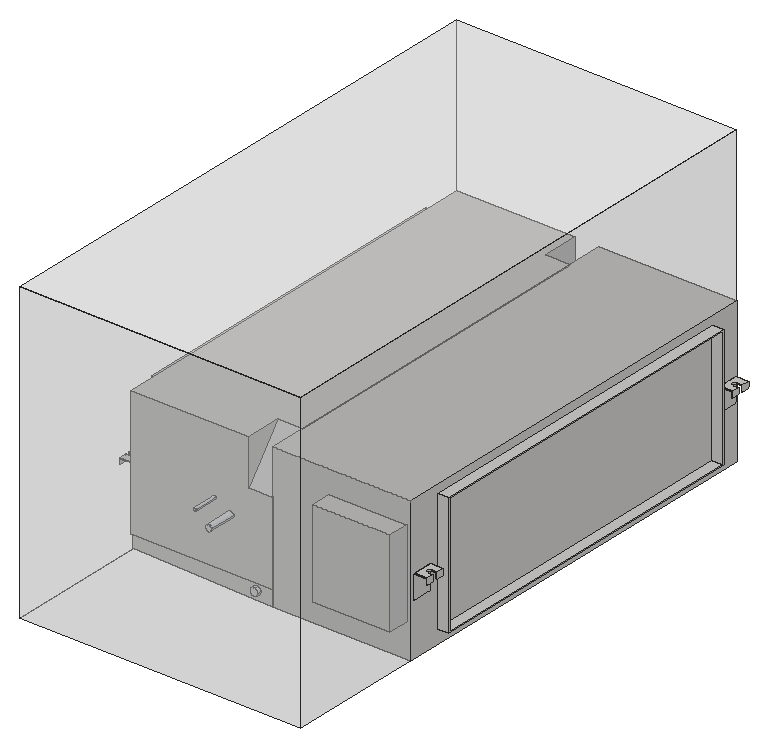
Revit family "outputfile", category 機械設備, Revit 2024
Family settings
  丸型コネクタ寸法 = 半径を使用
  パーツ タイプ = 標準
  OmniClass 番号 = 23.75.10.24.21.27.27
  OmniClass タイトル = Split System Air Conditioning Units
  作業面ベース = いいえ
  常に垂直 = はい
  ロード時にボイドで切り取り = いいえ
  注釈の向きを維持 = いいえ
  共有 = いいえ
  部屋計算ポイント = はい
Parameters (values of type "FXMQ200PV1A")
  Description = ""
  製造元 = "Daikin"
  書き出し IFC クラス(タイプ) = "IfcUnitaryEquipmentType"
  定義済み IFC タイプ(タイプ) = "AIRCONDITIONINGUNIT"
  Cost = 0
  モデル = "FXMQ200PV1A"
  Type Comments = ""
  Keynote = ""
  Type Image = (empty or 0)
  Assembly Code = ""
  lw_suctionflange = 1122.0 mm
  r_Liquid Pipe Size = Liquid Pipe Size / 2  # 4.75 mm
  r_Gas Pipe Size = Gas Pipe Size / 2  # 9.55 mm
  r_Drain Pipe Size = Drain Pipe Size / 2  # 12.5 mm
  lw_power = 230.0 mm  # constant formula
  lw_dischargeflange = 58.0 mm  # constant formula
  lh_power = 394.0 mm  # constant formula
  lh_mountinghole1 = lh_mountinghole + [h***]  # 254.0 mm
  lh_dischargeflange = 110.0 mm  # constant formula
  ld_power = 33.5 mm  # constant formula
  ld_dischargeflange = 70.0 mm  # constant formula
  Voltage_comment_50Hz = "220-240"
  Voltage_50Hz = 220 V
  URL = ""
  Supply Air Direction [instance] = yes
  Sound Power Level_H speed (dB) = 0
  Phase_50Hz = 1
  Minimum External Static Pressure = 0.00 Pa
  Minimum Circuit Amps_50Hz = 6.9 A
  Maximum Fuse Amps_50Hz = 15.0 A
  Maximum External Static Pressure = 250.00 Pa
  Material_Casing = DAIKIN_GalvanizedSteel_Casing_indoorunit
  lw_mountinghole = 972.0 mm  # constant formula
  lh_gaspipe = 221.5 mm  # constant formula
  lh_mountinghole = 254.0 mm  # constant formula
  lh_liquidpipe = 254.0 mm  # constant formula
  lh_drainpipe = 30.0 mm  # constant formula
  lh_antena = Height - lh_mountinghole + 1.0 mm  # 217.0 mm
  ld_drainpipe = 10.0 mm  # constant formula
  ld_liquidpipe = 79.0 mm  # constant formula
  ld_gaspipe = 89.0 mm  # constant formula
  ld_mountinghole = 1248.0 mm
  h*** = 0.0 mm  # constant formula
  lw_liquidpipe = 275.0 mm  # constant formula
  lw_gaspipe = 327.5 mm  # constant formula
  lw_drainpipe = 413.5 mm  # constant formula
  Width = 918.5 mm
  Version = "ver.1.0"
  Unit Type = "High Static Pressure Duct Type"
  Unit Mass Weight = 79.00 kg
  Unit Designation [instance] = ""
  Uniclass2015Version = "Products v1.30"
  Uniclass2015Title = "Variable refrigerant flow units"
  Uniclass2015Code = "Pr_70_65_03_94"
  Total Heating Capacity [instance] = 0.000 kW
  Total Cooling Capacity [instance] = 0.000 kW
  Sound Pressure Level_M speed (dBA) = 0
  Sound Pressure Level_L speed (dBA) = 37
  Sound Pressure Level_H speed (dBA) = 44
  Series = "VRV Fan Coil Unit"
  Sensible Cooling Capacity [instance] = 0.000 kW
  SA Duct Size Width = 1118.0 mm
  SA Duct Size Height = 350.0 mm
  Refrigerant Type = "R410A"
  RA Duct Size Width = 1118.0 mm
  RA Duct Size Height = 392.5 mm
  Power Input (Heating) = 0.640 kW
  Power Input (Cooling) = 0.640 kW
  Option Accessory 3 [instance] = ""
  Option Accessory 2 [instance] = ""
  Option Accessory 1 [instance] = ""
  Nominal Heating Capacity = 25.000 kW
  Nominal Cooling Capacity = 22.400 kW
  Minimum Airflow = 0.00 m³/h
  Median Airflow = 0.00 m³/h
  Maximum Airflow = 4320.00 m³/h
  Load Classification = HVAC
  Liquid Pipe Size = 9.5 mm
  Link_Nested Family [instance] = ""
  IfcVersion = "0"
  IfcExportType = "AIRCONDITIONINGUNIT"
  IfcExportAs = "IfcUnitaryEquipmentType"
  Height = 470.0 mm
  Heating Entering Wet Bulb Temperature [instance] = 0.00 °C
  Heating Entering Dry Bulb Temperature [instance] = 0.00 °C
  Heating Ambient Wet Bulb Temperature [instance] = 0.00 °C
  Heating Ambient Dry Bulb Temperature [instance] = 0.00 °C
  Heat Exchanger Type = "Cross Fin Coil"
  Gas Pipe Size = 19.1 mm
  Frequency_50Hz = 50 Hz
  Fan Type = "Sirocco Fan"
  Fan Drive = "Direct Drive"
  FCU Tag No. [instance] = ""
  Drain Pipe Size = 25.0 mm
  Design Supply Airflow [instance] = 0.00 m³/h
  Design Return Airflow [instance] = 0.00 m³/h
  Design External Static Pressure [instance] = 0.00 Pa
  Depth = 1333.0 mm
  既定の高さ = 0.0 mm
  Cooling Entering Wet Bulb Temperature [instance] = 0.00 °C
  Cooling Entering Dry Bulb Temperature [instance] = 0.00 °C
  Cooling Ambient Wet Bulb Temperature [instance] = 0.00 °C
  Cooling Ambient Dry Bulb Temperature [instance] = 0.00 °C
  Clearance visibility [instance] = yes
  Clearance Top = 500.0 mm
  Clearance Right = 0.0 mm
  Clearance Rear = 0.0 mm
  Clearance Left = 0.0 mm
  Clearance Front = 450.0 mm
  Clearance Bottom = 0.0 mm
Reference planes
  plane 1 "Center (Front/Back)": y = 0
  plane 2 "h": z = 0
  plane 3 "Center (Left/Right)": x = 0
  plane 4 "Back": y = 666.5
  plane 5 "Front": y = -666.5
  plane 6 "Left": x = -459.25
  plane 7 "Reight": x = 459.25
  plane 8 "Top": z = 0
  plane 9 "Bottom": z = -470
  plane 10 "lh_mountinghole": z = -216
  plane 11 "ld_mountinghole1": y = 624
  plane 12: y = 666.5
  plane 13: y = -1116.5
  plane 14: x = -459.25
  plane 15: x = 459.25
  plane 16: z = 500
  plane 17: z = -470
  plane 18: z = -76
  plane 19: x = 7.75
  plane 20: z = -420
  plane 21 "ld_gaspipe": y = -755.5
  plane 22 "ld_liquidpipe": y = -745.5
  plane 23 "lw_liquidpipe": x = -184.25
  plane 24 "lw_gaspipe": x = -131.75
  plane 25 "lh_gaspipe": z = -248.5
  plane 26 "lh_liquidpipe": z = -216
  plane 27 "ld_drainpipe": y = -676.5
  plane 28 "lw_drainpipe": x = -45.75
  plane 29 "lh_drainpipe": z = -440
  plane 30 "ld_mountinghole2": y = -624
  plane 31: x = -486
  plane 32: x = 486
  plane 33: x = 256
  plane 34: y = -700
  plane 35 "lh_power": z = -76
  plane 36 "ld_suctionflange": y = 29.5
  plane 37 "lh_suctionflange": z = -208
  plane 38: y = -733.5
  plane 39: z = -222.75
  plane 40: x = -72.25
Forms (mm)
  Extrusion 1, solid, material "DAIKIN_GalvanizedSteel_Casing_indoorunit" <- "Material_Casing"
    sketch origin (0, 0, 0) x (1, 0, 0) y (0, 1, 0)
      loop
        line (7.75, 666.5) -> (7.75, -666.5) -> (459.25, -666.5) -> (459.25, 666.5) -> (7.75, 666.5)
    from -470 to 0
  Extrusion 2, solid, material "DAIKIN_GalvanizedSteel_Casing_indoorunit" <- "Material_Casing"
    sketch origin (0, 0, 0) x (1, 0, 0) y (0, 1, 0)
      loop
        line (-459.25, 666.5) -> (-459.25, -666.5) -> (7.75, -666.5) -> (7.75, 666.5) -> (-459.25, 666.5)
    from -420 to 0
  Extrusion 3, solid, material "DAIKIN_GalvanizedSteel_Casing_indoorunit" <- "Material_Casing"
    sketch origin (0, 0, 0) x (1, 0, 0) y (0, 0, 1)
      loop
        line (7.75, -470) -> (7.75, -420) -> (-451.25, -420) -> (-451.25, -457) -> (7.75, -470)
    from -666.5 to 666.5
  Extrusion 4, solid
    sketch origin (0, 0, 0) x (1, 0, 0) y (0, 0, 1)
      loop
        circle (-45.75, -440) r 12.5
    from 666.5 to 676.5
  Extrusion 5, solid, material "DAIKIN_GalvanizedSteel_Casing_indoorunit" <- "Material_Casing"
    sketch origin (0, 0, 0) x (1, 0, 0) y (0, 0, 1)
      loop
        line (190.25, -76) -> (190.25, -361) -> (444.25, -361) -> (444.25, -76) -> (190.25, -76)
    from 733.5 to 666.5
  Extrusion 6, solid
    sketch origin (0, 0, 0) x (1, 0, 0) y (0, 0, 1)
      loop
        circle (-184.25, -216) r 4.75
    from 666.5 to 745.5
  Extrusion 7, solid
    sketch origin (0, 0, 0) x (1, 0, 0) y (0, 0, 1)
      loop
        circle (-131.75, -248.5) r 9.55
    from 666.5 to 755.5
  Extrusion 8, void
    sketch origin (0, 0, 0) x (0, 1, 0) y (0, 0, 1)
      loop
        line (-666.5, 0) -> (-666.5, -150) -> (-546.5, 0) -> (-666.5, 0)
      loop
        line (666.5, 0) -> (546.5, 0) -> (666.5, -150) -> (666.5, 0)
    from -72.25 to 7.75
Cuts and joins
  Extrusion 8 cuts Extrusion 1
  Extrusion 8 cuts Extrusion 2
  Extrusion 8 cuts Extrusion 5
Dimensions and locks
  "Height": plane 8 "Top" to plane 9 "Bottom"
  equal spacing: plane 4 "Back", plane 1 "Center (Front/Back)", plane 5 "Front"
  "Depth": plane 4 "Back" to plane 5 "Front"
  equal spacing: plane 6 "Left", plane 3 "Center (Left/Right)", plane 7 "Reight"
  "Width": plane 6 "Left" to plane 7 "Reight"
  "Clearance Left": plane 14 to plane 6 "Left"
  "Clearance Right": plane 7 "Reight" to plane 15
  "Clearance Rear": plane 12 to plane 4 "Back"
  "Clearance Front": plane 5 "Front" to plane 13
  "Clearance Top": plane 16 to plane 8 "Top"
  "Clearance Bottom": plane 9 "Bottom" to plane 17
  "lh_mountinghole": plane 10 "lh_mountinghole" to plane 9 "Bottom"
  "lh_power": plane 18 to plane 9 "Bottom"
  locked: plane 19 to plane 7 "Reight" at 451.5
  locked: plane 8 "Top" to plane 20 at 420
  locked: Extrusion 3 sketch curve to plane 6 "Left" at 8
  locked: plane 20 to Extrusion 3 sketch curve at 37
  "lh_drainpipe": Extrusion 4 sketch curve to plane 9 "Bottom"
  "lw_drainpipe": Extrusion 4 sketch curve to plane 6 "Left"
  "lw_liquidpipe": Extrusion 6 sketch curve to plane 6 "Left"
  "lw_gaspipe": Extrusion 7 sketch curve to plane 6 "Left"
  locked: Extrusion 5 sketch curve to Extrusion 5 sketch curve at 254
  locked: Extrusion 5 sketch curve to Extrusion 5 sketch curve at 285
  locked: Extrusion 5 sketch curve to plane 7 "Reight" at 15
  locked: Extrusion 5 sketch curve to plane 9 "Bottom" at 109
  "ld_gaspipe": plane 5 "Front" to plane 21 "ld_gaspipe"
  "ld_liquidpipe": plane 5 "Front" to plane 22 "ld_liquidpipe"
  "lw_liquidpipe": plane 6 "Left" to plane 23 "lw_liquidpipe"
  "lw_gaspipe": plane 6 "Left" to plane 24 "lw_gaspipe"
  "lh_gaspipe": plane 25 "lh_gaspipe" to plane 9 "Bottom"
  "lh_liquidpipe": plane 26 "lh_liquidpipe" to plane 9 "Bottom"
  "lh_gaspipe": Extrusion 7 sketch curve to plane 9 "Bottom"
  "lh_liquidpipe": Extrusion 6 sketch curve to plane 9 "Bottom"
  "ld_drainpipe": plane 5 "Front" to plane 27 "ld_drainpipe"
  "lw_drainpipe": plane 6 "Left" to plane 28 "lw_drainpipe"
  "lh_drainpipe": plane 29 "lh_drainpipe" to plane 9 "Bottom"
  equal spacing: plane 30 "ld_mountinghole2", plane 1 "Center (Front/Back)", plane 11 "ld_mountinghole1"
  "ld_mountinghole": plane 30 "ld_mountinghole2" to plane 11 "ld_mountinghole1"
  equal spacing: plane 31, plane 3 "Center (Left/Right)", plane 32
  "lw_mountinghole": plane 31 to plane 32
  "lw_power": plane 33 to plane 32
  "ld_power": plane 5 "Front" to plane 34
  "lh_power": plane 35 "lh_power" to plane 9 "Bottom"
  locked: plane 36 "ld_suctionflange" to plane 1 "Center (Front/Back)" at 29.5
  locked: plane 37 "lh_suctionflange" to plane 9 "Bottom" at 262
  locked: plane 5 "Front" to plane 38 at 67
  locked: plane 39 to plane 9 "Bottom" at 247.25
  locked: Extrusion 8 sketch curve to Extrusion 8 sketch curve at 120  (x2)
  locked: Extrusion 8 sketch curve to Extrusion 8 sketch curve at 150  (x2)
  locked: plane 40 to plane 19 at 80
  "r_Gas Pipe Size": radius of Extrusion 7 sketch curve
  "r_Liquid Pipe Size": radius of Extrusion 6 sketch curve
  "r_Drain Pipe Size": radius of Extrusion 4 sketch curve
  aligned and locked: level to plane 2 "h"
  aligned and locked: plane 8 "Top" to Extrusion 1
  aligned and locked: Extrusion 1 to plane 9 "Bottom"
  aligned and locked: nested 1 to plane 7 "Reight"
  aligned and locked: plane 7 "Reight" to nested 1
  aligned and locked: plane 11 "ld_mountinghole1" to nested 2
  aligned and locked: plane 7 "Reight" to nested 2
  aligned and locked: nested 4 to plane 13
  aligned and locked: plane 14 to nested 4
  aligned and locked: plane 15 to nested 4
  aligned and locked: nested 4 to plane 14
  aligned and locked: plane 12 to nested 4
  aligned and locked: plane 16 to nested 4
  aligned and locked: plane 17 to nested 4
  aligned and locked: plane 10 "lh_mountinghole" to nested 1
  aligned and locked: plane 10 "lh_mountinghole" to nested 2
  aligned and locked: Extrusion 1 to plane 19
  aligned and locked: Extrusion 2 sketch curve to plane 4 "Back"
  aligned and locked: Extrusion 2 sketch curve to plane 19
  aligned and locked: plane 6 "Left" to Extrusion 2 sketch curve
  aligned and locked: plane 5 "Front" to Extrusion 2 sketch curve
  aligned and locked: plane 8 "Top" to Extrusion 2
  aligned and locked: Extrusion 2 to plane 20
  aligned and locked: Extrusion 3 sketch curve to plane 20
  aligned and locked: plane 19 to Extrusion 3 sketch curve
  aligned and locked: plane 5 "Front" to Extrusion 3
  aligned and locked: Extrusion 3 to plane 4 "Back"
  aligned and locked: plane 9 "Bottom" to Extrusion 3 sketch curve
  aligned and locked: Extrusion 4 to plane 5 "Front"
  aligned and locked: plane 5 "Front" to Extrusion 6
  aligned and locked: plane 5 "Front" to Extrusion 7
  aligned and locked: Extrusion 7 to plane 21 "ld_gaspipe"
  aligned and locked: Extrusion 6 to plane 22 "ld_liquidpipe"
  aligned and locked: Extrusion 4 to plane 27 "ld_drainpipe"
  aligned and locked: nested 1 to plane 30 "ld_mountinghole2"
  aligned and locked: plane 11 "ld_mountinghole1" to nested 10
  aligned and locked: plane 31 to nested 10
  aligned and locked: nested 6 to plane 30 "ld_mountinghole2"
  aligned and locked: plane 31 to nested 6
  aligned and locked: nested 5 to plane 32
  aligned and locked: nested 5 to plane 30 "ld_mountinghole2"
  aligned and locked: plane 11 "ld_mountinghole1" to nested 11
  aligned and locked: nested 11 to plane 32
  aligned and locked: plane 26 "lh_liquidpipe" to nested 8
  aligned and locked: plane 29 "lh_drainpipe" to nested 9
  aligned and locked: plane 5 "Front" to nested 9
  aligned and locked: plane 25 "lh_gaspipe" to nested 7
  aligned and locked: nested 7 to plane 5 "Front"
  aligned and locked: plane 30 "ld_mountinghole2" to nested 13
  aligned and locked: nested 13 to plane 6 "Left"
  aligned and locked: plane 26 "lh_liquidpipe" to nested 13
  aligned and locked: plane 6 "Left" to nested 14
  aligned and locked: nested 14 to plane 11 "ld_mountinghole1"
  aligned and locked: nested 15 to plane 36 "ld_suctionflange"
  aligned and locked: nested 15 to plane 6 "Left"
  aligned and locked: plane 37 "lh_suctionflange" to nested 15
  aligned and locked: plane 26 "lh_liquidpipe" to nested 14
  aligned and locked: nested 16 to plane 7 "Reight"
  aligned and locked: nested 16 to plane 1 "Center (Front/Back)"
  aligned and locked: Extrusion 5 to plane 38
  aligned and locked: plane 5 "Front" to Extrusion 5
  aligned and locked: plane 33 to nested 12
  aligned and locked: plane 34 to nested 12
  aligned and locked: nested 12 to plane 35 "lh_power"
  aligned and locked: nested 8 to plane 5 "Front"
  aligned and locked: nested 16 to plane 39
  aligned and locked: nested 3 to plane 3 "Center (Left/Right)"
  aligned and locked: plane 1 "Center (Front/Back)" to nested 3
  aligned and locked: Extrusion 8 sketch curve to plane 5 "Front"
  aligned and locked: Extrusion 8 sketch curve to plane 8 "Top"
  aligned and locked: plane 8 "Top" to Extrusion 8 sketch curve
  aligned and locked: Extrusion 8 sketch curve to plane 4 "Back"
  aligned and locked: cut or joined group of Extrusion 2, Extrusion 8 to plane 40
  aligned and locked: plane 19 to cut or joined group of Extrusion 1, Extrusion 8
  aligned and locked: plane 40 to cut or joined group of Extrusion 2, Extrusion 8
  aligned and locked: cut or joined group of Extrusion 2, Extrusion 8 to plane 19
  aligned and locked: level to plane 8 "Top"
Automatic sketch dimensions
  Extrusion 1 sketch curve to plane 5 "Front" = 0.0 mm
  Extrusion 1 sketch curve to plane 19 = 0.0 mm
  Extrusion 1 sketch curve to plane 7 "Reight" = 0.0 mm
  Extrusion 1 sketch curve to plane 4 "Back" = 0.0 mm
Nested families
  nested 1: "daikin_hangerfixture_FXMQ-PV1A" at (459.25, -624, -216), type "daikin_hangerfixture_FXMQ-PV1A"
  nested 2: "daikin_hangerfixture_FXMQ-PV1A" at (459.25, 624, -216), type "daikin_hangerfixture_FXMQ-PV1A"
  nested 3: "daikin_△_symbolicline" at (0, 0, 470) x (0, -1, 0) z (0, 0, 1), built-in parameter 1001364 <- "Height", visible <- "Supply Air Direction", type "daikin_△_symbolicline"
    with length 300.0 mm
  nested 4: "daikin_clearancespace" at (0, -225, 15.119), visible <- "Clearance visibility", show <- "Clearance visibility", Link_Nested Family <- "Link_Nested Family", type "daikin_clearancespace"
    with width 918.5 mm, show yes, height 970.0 mm, depth 1783.0 mm, Link_Nested Family ""
  nested 5: "daikin_mountinghole" at (486, -624, -470), l_antenna <- "lh_antena", Link_Nested Family <- "Link_Nested Family", h_mountinghole <- "lh_mountinghole1", type "daikin_mountinghole"
    with show yes, l_antenna 217.0 mm, h_mountinghole 254.0 mm, Link_Nested Family ""
  nested 6: "daikin_mountinghole" at (-486, -624, -470), l_antenna <- "lh_antena", Link_Nested Family <- "Link_Nested Family", h_mountinghole <- "lh_mountinghole1", type "daikin_mountinghole"
    with show yes, l_antenna 217.0 mm, h_mountinghole 254.0 mm, Link_Nested Family ""
  nested 7: "daikin_connector_rotate2" at (-131.75, -666.5, -248.5), length <- "ld_gaspipe", radius <- "r_Gas Pipe Size", type "daikin_connector_rotate2"
    with radius 9.55 mm, length 89.0 mm, angle_vertical 90.00°, show_face no
  nested 8: "daikin_connector_rotate2" at (-184.25, -666.5, -216), radius <- "r_Liquid Pipe Size", length <- "ld_liquidpipe", type "daikin_connector_rotate2"
    with radius 4.75 mm, length 79.0 mm, angle_vertical 90.00°, show_face no
  nested 9: "daikin_connector_rotate2" at (-45.75, -666.5, -440), length <- "ld_drainpipe", radius <- "r_Drain Pipe Size", type "daikin_connector_rotate2"
    with radius 12.5 mm, length 10.0 mm, angle_vertical 90.00°, show_face no
  nested 10: "daikin_mountinghole" at (-486, 624, -470), h_mountinghole <- "lh_mountinghole1", l_antenna <- "lh_antena", Link_Nested Family <- "Link_Nested Family", type "daikin_mountinghole"
    with show yes, l_antenna 217.0 mm, h_mountinghole 254.0 mm, Link_Nested Family ""
  nested 11: "daikin_mountinghole" at (486, 624, -470), l_antenna <- "lh_antena", Link_Nested Family <- "Link_Nested Family", h_mountinghole <- "lh_mountinghole1", type "daikin_mountinghole"
    with show yes, l_antenna 217.0 mm, h_mountinghole 254.0 mm, Link_Nested Family ""
  nested 12: "daikin_connector_rotate2" at (256, -700, -76) x (1, 0, 0) z (0, -1, 0), type "daikin_connector_rotate2"
    with radius 10.0 mm, length 285.0 mm, angle_vertical 90.00°, show_face no
  nested 13: "daikin_hangerfixture_FXMQ-PV1A2" at (-459.25, -624, -216) x (-1, 0, 0) z (0, 0, 1), type "daikin_hangerfixture_FXMQ-PV1A2"
  nested 14: "daikin_hangerfixture_FXMQ-PV1A2" at (-459.25, 624, -216) x (-1, 0, 0) z (0, 0, 1), type "daikin_hangerfixture_FXMQ-PV1A2"
  nested 15: "daikin_ductflange_FXMQ-PV1A" at (-459.25, 29.5, -385) x (0, -1, 0) z (0, 0, 1), width <- "lw_suctionflange", material <- "Material_Casing", type "daikin_ductflange_FXMQ-PV1A"
    with width 1122.0 mm, material DAIKIN_GalvanizedSteel_Casing_indoorunit, height 354.0 mm, depth 39.25 mm
  nested 16: "daikin_ductflange_FXMQ-PV1A" at (459.25, 0, -421) x (0, -1, 0) z (0, 0, 1), width <- "lw_suctionflange", material <- "Material_Casing", type "daikin_ductflange_FXMQ-PV1A"
    with width 1122.0 mm, material DAIKIN_GalvanizedSteel_Casing_indoorunit, height 396.5 mm, depth 39.25 mm
Connectors
  piping at (-131.75, -755.5, -248.5), diameter 19.1, driven by "r_Gas Pipe Size"
    settings: on nested 7, index 1, connector inside diameter 609.6 mm, connector length 0.0 mm, flow factor 0, pipe flow 0.00 m³/h, pressure drop 0.0 Pa, fitting loss kfactor 0, connector angle 0.00°, fixture units 0, engagement length 0.0 mm, angle of deflection 0.00°, flow configuration 1, flow direction 2, fitting loss method 0, system type 29, joint type 0, gender type 0, connector reference index -1, connector utility 0, adjustable connector no, is connector primary yes, connector description "Refrigerant Gas Piping"
  piping at (-184.25, -745.5, -216), diameter 9.5, driven by "r_Liquid Pipe Size"
    settings: on nested 8, index 2, connector inside diameter 609.6 mm, connector length 0.0 mm, flow factor 0, pipe flow 0.00 m³/h, pressure drop 0.0 Pa, fitting loss kfactor 0, connector angle 0.00°, fixture units 0, engagement length 0.0 mm, angle of deflection 0.00°, flow configuration 1, flow direction 1, fitting loss method 0, system type 29, joint type 0, gender type 0, connector reference index -1, connector utility 0, adjustable connector no, is connector primary no, connector description "Refrigerant Liquid Piping"
  piping at (-45.75, -676.5, -440), diameter 25, driven by "r_Drain Pipe Size"
    settings: on nested 9, index 3, connector inside diameter 609.6 mm, connector length 0.0 mm, flow factor 0, pipe flow 0.00 m³/h, pressure drop 0.0 Pa, fitting loss kfactor 0, connector angle 0.00°, fixture units 0, engagement length 0.0 mm, angle of deflection 0.00°, flow configuration 1, flow direction 2, fitting loss method 4, system type 16, joint type 0, gender type 0, connector reference index -1, connector utility 0, adjustable connector no, is connector primary no, connector description "Condensate Drain Piping"
  electrical at (256, -700, -361), driven by "Load Classification"
    settings: on nested 12, index 4, voltage 0 V, apparent load 0 VA, apparent load phase1 0 VA, apparent load phase2 0 VA, apparent load phase3 0 VA, power factor 1, load classification "HVAC", number of poles 1, system type 30, power factor state 1, is connector primary yes, connector utility no, sub classification motor no, connector description "Power Supply"
  hvac at (-498.5, 29.5, -208), driven by "SA Duct Size Height", driven by "SA Duct Size Width"
    settings: on nested 15, index 5, duct flow 0.00 m³/h, flow factor 0, pres drop 0.00 Pa, loss coef 0, conn angle 0.00°, conn width 1118.0 mm, conn height 350.0 mm, conn diameter 609.6 mm, duct sys type 1, conn prof type 1, flow config 0, flow direction 2, loss method 4, conn ref index -1, conn util no, is conn primary yes, conn desc "SA Duct"
  hvac at (498.5, 0, -222.75), driven by "RA Duct Size Height", driven by "RA Duct Size Width"
    settings: on nested 16, index 6, duct flow 0.00 m³/h, flow factor 0, pres drop 0.00 Pa, loss coef 0, conn angle 0.00°, conn width 1118.0 mm, conn height 392.5 mm, conn diameter 609.6 mm, duct sys type 2, conn prof type 1, flow config 0, flow direction 1, loss method 4, conn ref index -1, conn util no, is conn primary no, conn desc "RA Duct"
Definition of nested family "daikin_hangerfixture_FXMQ-PV1A"
  Parameters (values of type "daikin_hangerfixture_FXDSQ-AVM")
    width = 44.0 mm
    material = none
    height = 80.0 mm
    depth = 65.0 mm
    Default Elevation = 0.0 mm
  Reference planes
    plane 1 "Center (Front/Back)": y = 0
    plane 2: z = 0
    plane 3 "Center (Left/Right)": x = 0
    plane 4: y = 417.146
    plane 5: z = -2
    plane 6: z = -65
    plane 7: z = -12
    plane 8: x = 44
    plane 9: y = 32.5
    plane 10: y = -32.5
    plane 11: y = -36
    plane 12: y = 36
    plane 13: z = -80
    plane 14: x = 1.5
    plane 15: x = 14
    plane 16: x = 26
    plane 17: x = 42
  Forms (mm)
    Extrusion 1, solid, material <- "material"
      sketch origin (0, 0, 0) x (1, 0, 0) y (0, 1, 0)
        loop
          line (0, 32.5) -> (0, -32.5) -> (44, -32.5) -> (44, -7.5) -> (26.75, -7.5)
          arc (26.75, -7.5) -> (19.25, 0) -> (26.75, 7.5) r 7.5
          line (26.75, 7.5) -> (44, 7.5) -> (44, 32.5) -> (0, 32.5)
      from -2 to 0
    Extrusion 2, solid, material <- "material"
      sketch origin (0, 0, 0) x (0, 1, 0) y (0, 0, 1)
        loop
          line (32.5, -75.411) -> (32.5, 0) -> (-32.5, 0) -> (-32.5, -75.411)
          arc (-32.5, -75.411) -> (-31.156, -78.656) -> (-27.911, -80) r 4.589
          line (-27.911, -80) -> (27.911, -80)
          arc (27.911, -80) -> (31.156, -78.656) -> (32.5, -75.411) r 4.589
      from 0 to 1.5
    Extrusion 3, solid, material <- "material"
      sketch origin (0, 0, 0) x (0, 1, 0) y (0, 0, 1)
        loop
          line (-7.5, -17.007) -> (-7.5, 0) -> (-32.5, 0) -> (-32.5, -17.007)
          arc (-32.5, -17.007) -> (-31.623, -19.123) -> (-29.507, -20) r 2.993
          line (-29.507, -20) -> (-10.493, -20)
          arc (-10.493, -20) -> (-8.377, -19.123) -> (-7.5, -17.007) r 2.993
        loop
          arc (7.5, -17.007) -> (8.377, -19.123) -> (10.493, -20) r 2.993
          line (10.493, -20) -> (29.507, -20)
          arc (29.507, -20) -> (31.623, -19.123) -> (32.5, -17.007) r 2.993
          line (32.5, -17.007) -> (32.5, 0) -> (7.5, 0) -> (7.5, -17.007)
      from 44 to 42
  Cuts and joins
    joined: Extrusion 1, Extrusion 2, Extrusion 3
  Dimensions and locks
    "width": plane 3 "Center (Left/Right)" to plane 8
    "depth": plane 10 to plane 9
    equal spacing: plane 10, plane 1 "Center (Front/Back)", plane 9
    locked: plane 11 to plane 10 at 3.5
    locked: plane 9 to plane 12 at 3.5
    "height": level to plane 13
    locked: plane 14 to plane 3 "Center (Left/Right)" at 1.5
    plane 3 "Center (Left/Right)" to plane 15 = 14.0 mm
    locked: plane 15 to plane 16 at 12
    plane 3 "Center (Left/Right)" to Extrusion 1 = 44.0 mm
    locked: plane 2 to plane 5 at 2
    locked: plane 8 to plane 17 at 2
    aligned and locked: level to plane 2
    aligned and locked: level to Extrusion 1
    aligned and locked: Extrusion 1 to plane 5
    aligned and locked: Extrusion 1 sketch curve to plane 3 "Center (Left/Right)"
    aligned and locked: Extrusion 1 sketch curve to plane 8  (x2)
    aligned and locked: level to Extrusion 2 sketch curve
    aligned and locked: plane 14 to Extrusion 2
    aligned and locked: Extrusion 3 sketch curve to level
    aligned and locked: level to Extrusion 3 sketch curve
    aligned and locked: plane 9 to Extrusion 1 sketch curve
    aligned and locked: Extrusion 1 sketch curve to plane 10
    aligned and locked: plane 13 to Extrusion 2 sketch curve
    aligned and locked: plane 8 to cut or joined group of Extrusion 1, Extrusion 2, Extrusion 3
    aligned and locked: cut or joined group of Extrusion 1, Extrusion 2, Extrusion 3 to plane 17
  Automatic sketch dimensions
    plane 9 to Extrusion 2 sketch curve = 4.589 mm
    Extrusion 2 sketch curve to plane 10 = 4.589 mm
    Extrusion 2 sketch curve to Extrusion 2 sketch curve = 4.589 mm
    Extrusion 2 sketch curve to plane 9 = 0.0 mm
    plane 10 to Extrusion 3 sketch curve = 0.0 mm
    Extrusion 3 sketch curve to plane 7 = 8.0 mm  (x2)
    Extrusion 3 sketch curve to plane 10 = 2.993 mm
    Extrusion 3 sketch curve to plane 7 = 5.007 mm  (x2)
    plane 1 "Center (Front/Back)" to Extrusion 3 sketch curve = 10.493 mm
    Extrusion 3 sketch curve to plane 1 "Center (Front/Back)" = 7.5 mm
    plane 9 to Extrusion 3 sketch curve = 2.993 mm
    Extrusion 3 sketch curve to plane 9 = 0.0 mm
    plane 1 "Center (Front/Back)" to Extrusion 1 sketch curve = 0.0 mm
    plane 16 to Extrusion 1 sketch curve = 0.75 mm
    Extrusion 1 sketch curve to plane 1 "Center (Front/Back)" = 7.5 mm
Definition of nested family "daikin_clearancespace"
  Parameters (values of type "daikin_clearancespace")
    width [instance] = 1823.963 mm
    show [instance] = yes
    material = none
    height [instance] = 1359.762 mm
    depth [instance] = 880.0 mm
    Default Elevation = 0.0 mm
    Link_Nested Family [instance] = ""
  Reference planes
    plane 1 "Center (Front/Back)": y = 0
    plane 2 "Center (Elevation)": z = -0.119
    plane 3 "Center (Left/Right)": x = 0
    plane 4: y = 440
    plane 5: y = -440
    plane 6 "Right": x = 911.982
    plane 7 "Left": x = -911.982
    plane 8 "Top": z = 679.762
    plane 9 "Bottom": z = -680
  Forms (mm)
    Extrusion 1, solid, material <- "material", visible <- "show"
      sketch origin (0, 0, 0) x (1, 0, 0) y (0, 1, 0)
        loop
          line (-911.982, 440) -> (-911.982, -440) -> (911.982, -440) -> (911.982, 440) -> (-911.982, 440)
      from -680 to 679.762
  Lines and regions (mm)
    symbolic lines, visible <- "show"
      curve 1: line (911.982, 440, 0) -> (-911.982, 440, 0)
      curve 2: line (-911.982, 440, 0) -> (-911.982, -440, 0)
      curve 3: line (-911.982, -440, 0) -> (911.982, -440, 0)
      curve 4: line (911.982, -440, 0) -> (911.982, 440, 0)
      curve 5: line (911.982, 0, 679.762) -> (-911.982, 0, 679.762)
      curve 6: line (911.982, 0, -680) -> (911.982, 0, 679.762)
      curve 7: line (-911.982, 0, -680) -> (911.982, 0, -680)
      curve 8: line (-911.982, 0, 679.762) -> (-911.982, 0, -680)
      curve 9: line (0, 440, 679.762) -> (0, -440, 679.762)
      curve 10: line (0, -440, 679.762) -> (0, -440, -680)
      curve 11: line (0, 440, -680) -> (0, 440, 679.762)
      curve 12: line (0, -440, -680) -> (0, 440, -680)
  Dimensions and locks
    "width": plane 7 "Left" to plane 6 "Right"
    "depth": plane 4 to plane 5
    "height": plane 8 "Top" to plane 9 "Bottom"
    equal spacing: plane 7 "Left", plane 3 "Center (Left/Right)", plane 6 "Right"
    equal spacing: plane 4, plane 1 "Center (Front/Back)", plane 5
    equal spacing: plane 8 "Top", plane 2 "Center (Elevation)", plane 9 "Bottom"
    aligned and locked: level to plane 2 "Center (Elevation)"
    aligned and locked: Extrusion 1 sketch curve to plane 4
    aligned and locked: plane 7 "Left" to Extrusion 1 sketch curve
    aligned and locked: Extrusion 1 sketch curve to plane 5
    aligned and locked: Extrusion 1 sketch curve to plane 6 "Right"
    aligned and locked: plane 8 "Top" to Extrusion 1
    aligned and locked: curve 1 to Extrusion 1
    aligned and locked: curve 2 to Extrusion 1
    aligned and locked: curve 3 to Extrusion 1
    aligned and locked: curve 4 to Extrusion 1
    aligned and locked: curve 5 to Extrusion 1
    aligned and locked: curve 6 to Extrusion 1
    aligned and locked: curve 7 to Extrusion 1
    aligned and locked: curve 8 to Extrusion 1
    aligned and locked: curve 9 to Extrusion 1
    aligned and locked: curve 10 to Extrusion 1
    aligned and locked: curve 11 to Extrusion 1
    aligned and locked: curve 12 to Extrusion 1
    aligned and locked: Extrusion 1 to plane 9 "Bottom"
Definition of nested family "daikin_hangerfixture_FXMQ-PV1A2"
  Parameters (values of type "daikin_hangerfixture_FXDSQ-AVM2")
    width = 44.0 mm
    material = none
    height = 204.0 mm
    depth = 65.0 mm
    Default Elevation = 0.0 mm
  Reference planes
    plane 1 "Center (Front/Back)": y = 0
    plane 2: z = 0
    plane 3 "Center (Left/Right)": x = 0
    plane 4: y = 417.146
    plane 5: z = -2
    plane 6: z = -65
    plane 7: z = -12
    plane 8: x = 44
    plane 9: y = 32.5
    plane 10: y = -32.5
    plane 11: y = -36
    plane 12: y = 36
    plane 13: z = -204
    plane 14: x = 1.5
    plane 15: x = 14
    plane 16: x = 26
    plane 17: x = 42
  Forms (mm)
    Extrusion 1, solid, material <- "material"
      sketch origin (0, 0, 0) x (1, 0, 0) y (0, 1, 0)
        loop
          line (0, 32.5) -> (0, -32.5) -> (44, -32.5) -> (44, -7.5) -> (26.75, -7.5)
          arc (26.75, -7.5) -> (19.25, 0) -> (26.75, 7.5) r 7.5
          line (26.75, 7.5) -> (44, 7.5) -> (44, 32.5) -> (0, 32.5)
      from -2 to 0
    Extrusion 2, solid, material <- "material"
      sketch origin (0, 0, 0) x (0, 1, 0) y (0, 0, 1)
        loop
          line (32.5, -199.411) -> (32.5, 0) -> (-32.5, 0) -> (-32.5, -199.411)
          arc (-32.5, -199.411) -> (-31.156, -202.656) -> (-27.911, -204) r 4.589
          line (-27.911, -204) -> (27.911, -204)
          arc (27.911, -204) -> (31.156, -202.656) -> (32.5, -199.411) r 4.589
      from 0 to 1.5
    Extrusion 3, solid, material <- "material"
      sketch origin (0, 0, 0) x (0, 1, 0) y (0, 0, 1)
        loop
          line (-7.5, -17.007) -> (-7.5, 0) -> (-32.5, 0) -> (-32.5, -17.007)
          arc (-32.5, -17.007) -> (-31.623, -19.123) -> (-29.507, -20) r 2.993
          line (-29.507, -20) -> (-10.493, -20)
          arc (-10.493, -20) -> (-8.377, -19.123) -> (-7.5, -17.007) r 2.993
        loop
          arc (7.5, -17.007) -> (8.377, -19.123) -> (10.493, -20) r 2.993
          line (10.493, -20) -> (29.507, -20)
          arc (29.507, -20) -> (31.623, -19.123) -> (32.5, -17.007) r 2.993
          line (32.5, -17.007) -> (32.5, 0) -> (7.5, 0) -> (7.5, -17.007)
      from 44 to 42
  Cuts and joins
    joined: Extrusion 1, Extrusion 2, Extrusion 3
  Dimensions and locks
    "width": plane 3 "Center (Left/Right)" to plane 8
    "depth": plane 10 to plane 9
    equal spacing: plane 10, plane 1 "Center (Front/Back)", plane 9
    locked: plane 11 to plane 10 at 3.5
    locked: plane 9 to plane 12 at 3.5
    "height": level to plane 13
    locked: plane 14 to plane 3 "Center (Left/Right)" at 1.5
    plane 3 "Center (Left/Right)" to plane 15 = 14.0 mm
    locked: plane 15 to plane 16 at 12
    plane 3 "Center (Left/Right)" to Extrusion 1 = 44.0 mm
    locked: plane 2 to plane 5 at 2
    locked: plane 8 to plane 17 at 2
    aligned and locked: level to plane 2
    aligned and locked: level to Extrusion 1
    aligned and locked: Extrusion 1 to plane 5
    aligned and locked: Extrusion 1 sketch curve to plane 3 "Center (Left/Right)"
    aligned and locked: Extrusion 1 sketch curve to plane 8  (x2)
    aligned and locked: level to Extrusion 2 sketch curve
    aligned and locked: plane 14 to Extrusion 2
    aligned and locked: Extrusion 3 sketch curve to level
    aligned and locked: level to Extrusion 3 sketch curve
    aligned and locked: plane 9 to Extrusion 1 sketch curve
    aligned and locked: Extrusion 1 sketch curve to plane 10
    aligned and locked: plane 13 to Extrusion 2 sketch curve
    aligned and locked: plane 8 to cut or joined group of Extrusion 1, Extrusion 2, Extrusion 3
    aligned and locked: cut or joined group of Extrusion 1, Extrusion 2, Extrusion 3 to plane 17
  Automatic sketch dimensions
    plane 9 to Extrusion 2 sketch curve = 4.589 mm
    Extrusion 2 sketch curve to plane 10 = 4.589 mm
    Extrusion 2 sketch curve to Extrusion 2 sketch curve = 4.589 mm
    Extrusion 2 sketch curve to plane 9 = 0.0 mm
    plane 10 to Extrusion 3 sketch curve = 0.0 mm
    Extrusion 3 sketch curve to plane 7 = 8.0 mm  (x2)
    Extrusion 3 sketch curve to plane 10 = 2.993 mm
    Extrusion 3 sketch curve to plane 7 = 5.007 mm  (x2)
    plane 1 "Center (Front/Back)" to Extrusion 3 sketch curve = 10.493 mm
    Extrusion 3 sketch curve to plane 1 "Center (Front/Back)" = 7.5 mm
    plane 9 to Extrusion 3 sketch curve = 2.993 mm
    Extrusion 3 sketch curve to plane 9 = 0.0 mm
    plane 1 "Center (Front/Back)" to Extrusion 1 sketch curve = 0.0 mm
    plane 16 to Extrusion 1 sketch curve = 0.75 mm
    Extrusion 1 sketch curve to plane 1 "Center (Front/Back)" = 7.5 mm
Definition of nested family "daikin_ductflange_FXMQ-PV1A"
  Parameters (values of type "daikin_ductflange_CeilingMountedDuct")
    width [instance] = 922.0 mm
    material [instance] = none
    height [instance] = 354.0 mm
    depth [instance] = 39.3 mm
    Default Elevation = 0.0 mm
  Reference planes
    plane 1 "Center (Front/Back)": y = 0
    plane 2: z = 0
    plane 3 "Center (Left/Right)": x = 0
    plane 4: y = -39.3
    plane 5: x = -461
    plane 6: x = 461
    plane 7 "Top": z = 354
    plane 8 "Center (Elevation)": z = 177
  Forms (mm)
    Extrusion 1, solid, material <- "material"
      sketch origin (0, 0, 0) x (1, 0, 0) y (0, 0, 1)
        loop
          line (-461, 354) -> (-461, 0) -> (461, 0) -> (461, 354) -> (-461, 354)
        loop
          line (-459, 352) -> (-459, 2) -> (459, 2) -> (459, 352) -> (-459, 352)
      from 0 to 39.3
  Dimensions and locks
    "height": plane 7 "Top" to plane 2
    "width": plane 5 to plane 6
    equal spacing: plane 5, plane 3 "Center (Left/Right)", plane 6
    "depth": plane 1 "Center (Front/Back)" to plane 4
    equal spacing: plane 7 "Top", plane 8 "Center (Elevation)", plane 2
    locked: plane 7 "Top" to Extrusion 1 sketch curve at 2
    locked: Extrusion 1 sketch curve to level at 2
    locked: Extrusion 1 sketch curve to plane 5 at 2
    locked: plane 6 to Extrusion 1 sketch curve at 2
    aligned and locked: level to plane 2
    aligned and locked: Extrusion 1 sketch curve to plane 7 "Top"
    aligned and locked: plane 5 to Extrusion 1 sketch curve
    aligned and locked: Extrusion 1 sketch curve to plane 6
    aligned and locked: plane 2 to Extrusion 1 sketch curve
    aligned and locked: Extrusion 1 to plane 4
Definition of nested family "daikin_△_symbolicline"
  Parameters (values of type "daikin_△_symbolicline")
    length [instance] = 200.0 mm
    Default Elevation = 0.0 mm
  Reference planes
    plane 1 "Center (Front/Back)": y = 0
    plane 2: z = 0
    plane 3 "Center (Left/Right)": x = 0
  Lines and regions (mm)
    symbolic lines
      curve 1: line (0, -173.205, 0) -> (100, 0, 0)
      curve 2: line (100, 0, 0) -> (-100, 0, 0)
      curve 3: line (-100, 0, 0) -> (0, -173.205, 0)
  Dimensions and locks
    equal spacing: curve 3, plane 3 "Center (Left/Right)", curve 2
    "length": curve 3 to curve 2
    "length": curve 3 to curve 3
    "length": curve 1 to curve 1
    aligned and locked: level to plane 2
    aligned and locked: curve 2 to plane 1 "Center (Front/Back)"
    aligned and locked: plane 3 "Center (Left/Right)" to curve 3
Definition of nested family "daikin_mountinghole"
  Parameters (values of type "daikin_mountinghole")
    Default Elevation = 1219.2 mm
    Type Comments = "mountinghole"
    show [instance] = yes
    material = none
    l_centerline = 100.0 mm
    l_antenna [instance] = 100.0 mm
    h_mountinghole [instance] = 0.0 mm
    d_circle = 30.0 mm
    Link_Nested Family [instance] = ""
  Reference planes
    plane 1 "Center (Front/Back)": y = 0
    plane 2: z = 0
    plane 3 "Center (Left/Right)": x = 0
    plane 4: y = 50
    plane 5: x = -50
    plane 6: x = 50
    plane 7: y = -50
    plane 8 "h_mountinghole": z = 0
    plane 9: z = 100
  Lines and regions (mm)
    model lines, detail levels fine
      curve 1: circle (0, 0, 0) r 15 normal (0, 0, 1)
      curve 2: line (-50, 0, 0) -> (50, 0, 0)
      curve 3: line (0, 50, 0) -> (0, -50, 0)
    symbolic lines, detail levels fine
      curve 4: circle (0, 0, 0) r 15 normal (0, 0, 1)
      curve 5: line (-50, 0, 0) -> (50, 0, 0)
      curve 6: line (0, 50, 0) -> (0, -50, 0)
    model lines
      curve 7: line (0, 0, 100) -> (0, 0, 0)
  Dimensions and locks
    equal spacing: plane 4, plane 1 "Center (Front/Back)", plane 7
    "l_centerline": plane 4 to plane 7
    equal spacing: plane 5, plane 3 "Center (Left/Right)", plane 6
    "l_centerline": plane 5 to plane 6
    "l_antenna": plane 9 to plane 8 "h_mountinghole"
    "h_mountinghole": plane 8 "h_mountinghole" to plane 2
    "d_circle": diameter of curve 1
    "d_circle": diameter of curve 4
    aligned and locked: level to plane 2
    aligned and locked: plane 1 "Center (Front/Back)" to curve 1
    aligned and locked: plane 3 "Center (Left/Right)" to curve 1
    aligned and locked: plane 1 "Center (Front/Back)" to curve 2
    aligned and locked: curve 3 to plane 3 "Center (Left/Right)"
    aligned and locked: plane 6 to curve 2
    aligned and locked: plane 5 to curve 2
    aligned and locked: plane 4 to curve 3
    aligned and locked: plane 7 to curve 3
    aligned and locked: plane 1 "Center (Front/Back)" to curve 4
    aligned and locked: plane 3 "Center (Left/Right)" to curve 4
    aligned and locked: plane 6 to curve 5
    aligned and locked: plane 5 to curve 5
    aligned and locked: plane 1 "Center (Front/Back)" to curve 5
    aligned and locked: plane 4 to curve 6
    aligned and locked: plane 7 to curve 6
    aligned and locked: curve 6 to plane 3 "Center (Left/Right)"
    aligned and locked: curve 7 to plane 3 "Center (Left/Right)"
    aligned and locked: plane 9 to curve 7
    aligned and locked: plane 8 "h_mountinghole" to curve 7
Definition of nested family "daikin_connector_rotate2"
  Parameters (values of type "daikin_connector_rotate2")
    show_face = yes
    radius [instance] = 10.0 mm
    length [instance] = 600.0 mm
    d_surface = 10.0 mm
    angle_vertical [instance] = 90.00°
    Default Elevation = 0.0 mm
  Reference planes
    plane 1 "Center (Front/Back)": y = 0
    plane 2: z = 0
    plane 3 "Center (Left/Right)": x = 0
  Forms (mm)
    Extrusion 1, solid, visible <- "show_face"
      sketch origin (0, -600, 0) x (1, 0, 0) y (0, 0, 1)
        loop
          circle (0, 0) r 10
      from 0 to -10
  Lines and regions (mm)
    reference lines
      curve 1: line (0, 0, 0) -> (0, -600, 0)
    symbolic lines
      curve 2: circle (0, 0, 0) r 5 normal (0, 0, 1)
    model lines, visible <- "show_face"
      curve 3: line (0, 0, 0) -> (0, -600, 0)
  Dimensions and locks
    "length": curve 1 to curve 1
    "length": curve 3 to curve 3
    "d_surface": Extrusion 1 to Extrusion 1
    "radius": radius of Extrusion 1 sketch curve
    "angle_vertical": angle curve 1 to plane 1 "Center (Front/Back)"
    "angle_vertical": angle curve 3 to plane 1 "Center (Front/Back)"
    aligned and locked: level to plane 2
    aligned and locked: plane 1 "Center (Front/Back)" to curve 1
    aligned and locked: plane 2 to curve 1
    aligned and locked: plane 1 "Center (Front/Back)" to curve 2
    aligned and locked: plane 3 "Center (Left/Right)" to curve 2
    aligned and locked: plane 1 "Center (Front/Back)" to curve 3
    aligned and locked: plane 2 to curve 3
    aligned and locked: Extrusion 1 to Extrusion 1
  Automatic sketch dimensions
    Extrusion 1 sketch curve to level = 0.0 mm
    Extrusion 1 sketch curve to plane 3 "Center (Left/Right)" = 0.0 mm
    radius of curve 2 = 5.0 mm
